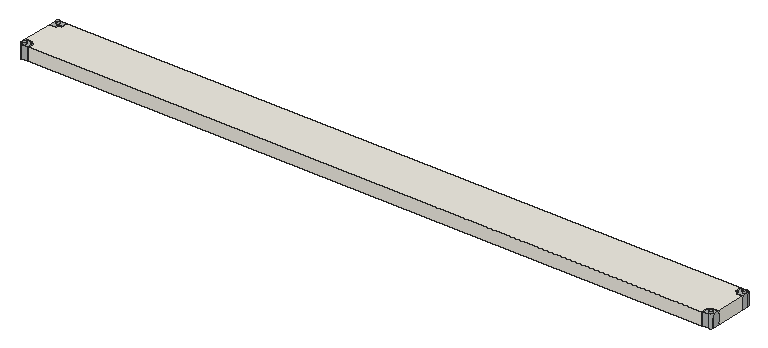
Revit family "HIGHTECH", category Осветительные приборы, Revit 2019 (continued)
Types (32, lengths in mm): name | Файл фотометрической сетки | built-in parameter 1150105 | Lumens | built-in parameter 1150106 | built-in parameter 1150142 | Wattage | Emit from Rectangle Width | Emit from Rectangle Length | Длина | Ширина | ADSK_Ток | ADSK_Полная мощность | ADSK_Обозначение | ADSK_Номинальная мощность | ADSK_Наименование | ADSK_Масса | ADSK_Код изделия
    97 0.197 0.197 0.197 0.098 0.098 0.098 0.098 0.098 0.098 0.098 0.098 0.000 0.000 0.000 0.000 \r\n1417.637 1418.525 1416.551 1412.506 1405.994 1396.621 1384.781 1369.783 1352.419 1332.587 1311.077 1287.003 1261.053 1233.427 1203.827 1172.549 1139.497 1104.963 \r\n1069.345 1032.345 994.260 954.892 914.932 873.887 832.152 789.824 747.101 704.082 660.176 616.565 572.462 527.864 484.254 439.855 395.849 352.337 309.714 268.076 227.722 188.157 \r\n148.295 112.578 78.933 47.360 19.042 0.592 0.592 0.493 0.493 0.493 0.493 0.493 0.493 0.493 0.493 0.395 0.395 0.395 0.395 0.395 0.395 0.395 0.395 0.296 0.296 0.296 0.296 0.296 0.296 0.296 0.296 0.197 \r\n0.197 0.197 0.197 0.197 0.197 0.197 0.197 0.098 0.098 0.098 0.098 0.098 0.098 0.098 0.098 0.000 0.000 0.000 0.000 \r\n1417.637 1418.525 1416.453 1412.309 1405.796 1396.325 1384.485 1369.388 1352.024 1332.192 1310.584 1286.509 1260.560 1232.835 1203.235 1171.958 1138.905 1104.371 \r\n1068.654 1031.655 993.569 954.202 914.143 873.098 831.460 789.133 746.410 703.392 659.485 615.874 571.870 527.273 483.662 439.262 395.257 351.844 309.319 267.583 227.229 187.762 \r\n148.000 112.282 78.637 47.163 18.845 0.592 0.592 0.493 0.493 0.493 0.493 0.493 0.493 0.493 0.493 0.395 0.395 0.395 0.395 0.395 0.395 0.395 0.395 0.296 0.296 0.296 0.296 0.296 0.296 0.296 0.296 0.197 \r\n0.197 0.197 0.197 0.197 0.197 0.197 0.197 0.098 0.098 0.098 0.098 0.098 0.098 0.098 0.098 0.000 0.000 0.000 0.000 \r\n1417.637 1418.426 1416.354 1412.211 1405.501 1396.029 1384.090 1369.093 1351.629 1331.797 1310.189 1286.016 1259.968 1232.341 1202.643 1171.366 1138.214 1103.680 \r\n1068.062 1030.964 992.878 953.511 913.452 872.407 830.770 788.442 745.818 702.799 658.893 615.283 571.179 526.680 483.070 438.769 394.763 351.350 308.826 267.188 226.834 187.466 \r\n147.703 111.987 78.440 46.866 18.648 0.592 0.592 0.493 0.493 0.493 0.493 0.493 0.493 0.493 0.493 0.395 0.395 0.395 0.395 0.395 0.395 0.395 0.395 0.296 0.296 0.296 0.296 0.296 0.296 0.296 0.296 0.197 \r\n0.197 0.197 0.197 0.197 0.197 0.197 0.197 0.098 0.098 0.098 0.098 0.098 0.098 0.098 0.098 0.000 0.000 0.000 0.000 \r\n1417.637 1418.426 1416.255 1412.013 1405.303 1395.831 1383.794 1368.698 1351.234 1331.304 1309.696 1285.522 1259.474 1231.750 1202.051 1170.675 1137.622 1103.089 \r\n1067.372 1030.273 992.188 952.820 912.762 871.716 830.079 787.751 745.127 702.109 658.202 614.593 570.587 526.088 482.478 438.177 394.171 350.857 308.332 266.793 226.439 187.071 \r\n147.309 111.690 78.144 46.670 18.451 0.592 0.592 0.493 0.493 0.493 0.493 0.493 0.493 0.493 0.493 0.395 0.395 0.395 0.395 0.395 0.395 0.395 0.395 0.296 0.296 0.296 0.296 0.296 0.296 0.296 0.296 0.197 \r\n0.197 0.197 0.197 0.197 0.197 0.197 0.197 0.098 0.098 0.098 0.098 0.098 0.098 0.098 0.098 0.000 0.000 0.000 0.000 \r\n1417.637 1418.327 1416.156 1411.816 1405.106 1395.535 1383.498 1368.304 1350.839 1330.909 1309.203 1285.029 1258.981 1231.256 1201.459 1170.083 1137.030 1102.398 \r\n1066.680 1029.681 991.497 952.129 912.071 871.026 829.388 787.061 744.437 701.418 657.512 613.901 569.995 525.398 481.886 437.585 393.678 350.364 307.938 266.300 226.044 186.676 \r\n147.012 111.493 77.848 46.472 18.154 0.592 0.592 0.493 0.493 0.493 0.493 0.493 0.493 0.493 0.493 0.395 0.395 0.395 0.395 0.395 0.395 0.395 0.395 0.296 0.296 0.296 0.296 0.296 0.296 0.296 0.296 0.197 \r\n0.197 0.197 0.197 0.197 0.197 0.197 0.197 0.098 0.098 0.098 0.098 0.098 0.098 0.098 0.098 0.000 0.000 0.000 0.000 \r\n1417.637 1418.327 1416.058 1411.716 1404.810 1395.240 1383.202 1367.909 1350.445 1330.514 1308.808 1284.536 1258.488 1230.664 1200.867 1169.491 1136.339 1101.806 \r\n1066.089 1028.991 990.807 951.438 911.381 870.335 828.698 786.370 743.746 700.728 656.920 613.310 569.304 524.806 481.294 437.091 393.185 349.871 307.444 265.905 225.650 186.381 \r\n146.717 111.197 77.650 46.176 17.957 0.592 0.592 0.493 0.493 0.493 0.493 0.493 0.493 0.493 0.493 0.395 0.395 0.395 0.395 0.395 0.395 0.395 0.395 0.296 0.296 0.296 0.296 0.296 0.296 0.296 0.296 0.197 \r\n0.197 0.197 0.197 0.197 0.197 0.197 0.197 0.098 0.098 0.098 0.098 0.098 0.098 0.098 0.098 0.000 0.000 0.000 0.000 \r\n1417.637 1418.229 1415.960 1411.519 1404.613 1394.943 1382.807 1367.612 1350.051 1330.119 1308.315 1284.043 1257.896 1230.072 1200.275 1168.899 1135.748 1101.116 \r\n1065.398 1028.300 990.115 950.748 910.689 869.644 828.007 785.679 743.056 700.037 656.229 612.619 568.713 524.214 480.702 436.499 392.593 349.377 306.951 265.511 225.255 185.986 \r\n146.421 110.901 77.355 45.978 17.759 0.592 0.592 0.493 0.493 0.493 0.493 0.493 0.493 0.493 0.493 0.395 0.395 0.395 0.395 0.395 0.395 0.395 0.395 0.296 0.296 0.296 0.296 0.296 0.296 0.296 0.296 0.197 \r\n0.197 0.197 0.197 0.197 0.197 0.197 0.197 0.098 0.098 0.098 0.098 0.098 0.098 0.098 0.098 0.000 0.000 0.000 0.000 \r\n1417.637 1418.229 1415.861 1411.421 1404.415 1394.746 1382.512 1367.219 1349.656 1329.626 1307.821 1283.549 1257.403 1229.579 1199.782 1168.209 1135.155 1100.523 \r\n1064.708 1027.609 989.425 950.057 909.998 868.855 827.317 784.989 742.365 699.347 655.538 611.928 568.021 523.622 480.110 436.006 392.100 348.884 306.556 265.017 224.860 185.591 \r\n146.026 110.605 77.157 45.781 17.464 0.592 0.592 0.493 0.493 0.493 0.493 0.493 0.493 0.493 0.493 0.395 0.395 0.395 0.395 0.395 0.395 0.395 0.395 0.296 0.296 0.296 0.296 0.296 0.296 0.296 0.296 0.197 \r\n0.197 0.197 0.197 0.197 0.197 0.197 0.197 0.098 0.098 0.098 0.098 0.098 0.098 0.098 0.098 0.000 0.000 0.000 0.000 \r\n1417.637 1418.130 1415.762 1411.223 1404.218 1394.450 1382.216 1366.824 1349.261 1329.231 1307.427 1283.056 1256.910 1228.987 1199.190 1167.616 1134.563 1099.833 \r\n1064.016 1026.918 988.833 949.367 909.308 868.165 826.625 784.298 741.674 698.656 654.946 611.336 567.430 523.030 479.518 435.414 391.606 348.391 306.063 264.623 224.465 185.196 \r\n145.730 110.309 76.861 45.485 17.266 0.592 0.592 0.493 0.493 0.493 0.493 0.493 0.493 0.493 0.493 0.395 0.395 0.395 0.395 0.395 0.395 0.395 0.395 0.296 0.296 0.296 0.296 0.296 0.296 0.296 0.296 0.197 \r\n0.197 0.197 0.197 0.197 0.197 0.197 0.197 0.098 0.098 0.098 0.098 0.098 0.098 0.098 0.098 0.000 0.000 0.000 0.000 \r\n1417.637 1418.130 1415.565 1411.026 1403.922 1394.154 1381.919 1366.527 1348.866 1328.837 1306.933 1282.563 1256.416 1228.494 1198.597 1167.024 1133.873 1099.241 \r\n1063.425 1026.228 988.143 948.676 908.519 867.474 825.935 783.608 740.983 698.064 654.256 610.646 566.739 522.438 478.926 434.822 391.014 347.897 305.569 264.229 224.072 184.901 \r\n145.434 110.013 76.565 45.288 17.069 0.592 0.592 0.493 0.493 0.493 0.493 0.493 0.493 0.493 0.493 0.395 0.395 0.395 0.395 0.395 0.395 0.395 0.395 0.296 0.296 0.296 0.296 0.296 0.296 0.296 0.296 0.197 \r\n0.197 0.197 0.197 0.197 0.197 0.197 0.197 0.098 0.098 0.098 0.098 0.098 0.098 0.098 0.098 0.000 0.000 0.000 0.000 \r\n1417.637 1418.031 1415.466 1410.928 1403.725 1393.858 1381.524 1366.133 1348.472 1328.443 1306.440 1282.070 1255.824 1227.901 1198.006 1166.433 1133.280 1098.550 \r\n1062.735 1025.537 987.451 947.887 907.829 866.784 825.244 782.916 740.293 697.373 653.565 610.053 566.147 521.747 478.334 434.328 390.521 347.404 305.175 263.735 223.677 184.506 \r\n145.039 109.717 76.368 44.992 16.871 0.592 0.592 0.493 0.493 0.493 0.493 0.493 0.493 0.493 0.493 0.395 0.395 0.395 0.395 0.395 0.395 0.395 0.395 0.296 0.296 0.296 0.296 0.296 0.296 0.296 0.296 0.197 \r\n0.197 0.197 0.197 0.197 0.197 0.197 0.197 0.098 0.098 0.098 0.098 0.098 0.098 0.098 0.098 0.000 0.000 0.000 0.000 \r\n1417.637 1418.031 1415.368 1410.730 1403.527 1393.562 1381.229 1365.738 1348.077 1327.949 1306.045 1281.575 1255.331 1227.310 1197.414 1165.841 1132.689 1097.958 \r\n1062.043 1024.846 986.761 947.196 907.137 866.092 824.554 782.226 739.602 696.683 652.973 609.363 565.456 521.155 477.742 433.737 390.028 346.910 304.681 263.341 223.282 184.111 \r\n144.743 109.421 76.072 44.794 16.576 0.592 0.592 0.493 0.493 0.493 0.493 0.493 0.493 0.493 0.493 0.395 0.395 0.395 0.395 0.395 0.395 0.395 0.395 0.296 0.296 0.296 0.296 0.296 0.296 0.296 0.296 0.197 \r\n0.197 0.197 0.197 0.197 0.197 0.197 0.197 0.098 0.098 0.098 0.098 0.098 0.098 0.098 0.098 0.000 0.000 0.000 0.000 \r\n1417.637 1417.932 1415.268 1410.533 1403.232 1393.365 1380.933 1365.443 1347.682 1327.555 1305.552 1281.082 1254.837 1226.816 1196.821 1165.150 1131.998 1097.267 \r\n1061.452 1024.254 986.070 946.506 906.447 865.401 823.863 781.535 738.912 695.991 652.282 608.672 564.864 520.563 477.150 433.145 389.436 346.417 304.287 262.946 222.887 183.815 \r\n144.448 109.125 75.874 44.597 16.378 0.592 0.592 0.493 0.493 0.493 0.493 0.493 0.493 0.493 0.493 0.395 0.395 0.395 0.395 0.395 0.395 0.395 0.395 0.296 0.296 0.296 0.296 0.296 0.296 0.296 0.296 0.197 \r\n0.197 0.197 0.197 0.197 0.197 0.197 0.197 0.098 0.098 0.098 0.098 0.098 0.098 0.098 0.098 0.000 0.000 0.000 0.000 \r\n1417.637 1417.932 1415.170 1410.434 1403.034 1393.069 1380.636 1365.048 1347.287 1327.160 1305.157 1280.589 1254.344 1226.225 1196.230 1164.558 1131.406 1096.675 \r\n1060.761 1023.564 985.380 945.815 905.756 864.613 823.173 780.845 738.221 695.301 651.592 608.080 564.174 519.971 476.558 432.652 388.943 345.924 303.794 262.453 222.492 183.420 \r\n144.151 108.829 75.579 44.301 16.181 0.592 0.592 0.493 0.493 0.493 0.493 0.493 0.493 0.493 0.493 0.395 0.395 0.395 0.395 0.395 0.395 0.395 0.395 0.296 0.296 0.296 0.296 0.296 0.296 0.296 0.296 0.197 \r\n0.197 0.197 0.197 0.197 0.197 0.197 0.197 0.098 0.098 0.098 0.098 0.098 0.098 0.098 0.098 0.000 0.000 0.000 0.000 \r\n1417.637 1417.834 1415.071 1410.237 1402.837 1392.772 1380.243 1364.653 1346.892 1326.765 1304.664 1280.096 1253.752 1225.730 1195.638 1163.965 1130.814 1095.984 \r\n1060.071 1022.873 984.689 945.124 905.066 863.922 822.482 780.154 737.531 694.610 651.000 607.390 563.581 519.379 475.966 432.059 388.350 345.431 303.300 262.058 222.098 183.026 \r\n143.757 108.533 75.282 44.104 15.983 0.592 0.592 0.493 0.493 0.493 0.493 0.493 0.493 0.493 0.493 0.395 0.395 0.395 0.395 0.395 0.395 0.395 0.395 0.296 0.296 0.296 0.296 0.296 0.296 0.296 0.296 0.197 \r\n0.197 0.197 0.197 0.197 0.197 0.197 0.197 0.098 0.098 0.098 0.098 0.098 0.098 0.098 0.098 0.000 0.000 0.000 0.000 \r\n1417.637 1417.834 1414.973 1410.138 1402.541 1392.477 1379.946 1364.258 1346.499 1326.272 1304.171 1279.603 1253.259 1225.139 1195.045 1163.374 1130.123 1095.393 \r\n1059.478 1022.183 983.999 944.433 904.375 863.231 821.792 779.464 736.840 693.920 650.309 606.699 562.891 518.787 475.374 431.566 387.857 344.937 302.906 261.663 221.703 182.730 \r\n143.461 108.237 75.085 43.906 15.688 0.592 0.592 0.493 0.493 0.493 0.493 0.493 0.493 0.493 0.493 0.395 0.395 0.395 0.395 0.395 0.395 0.395 0.395 0.296 0.296 0.296 0.296 0.296 0.296 0.296 0.296 0.197 \r\n0.197 0.197 0.197 0.197 0.197 0.197 0.197 0.098 0.098 0.098 0.098 0.098 0.098 0.098 0.098 0.000 0.000 0.000 0.000 \r\n1417.637 1417.736 1414.874 1409.940 1402.344 1392.181 1379.650 1363.962 1346.104 1325.877 1303.776 1279.109 1252.766 1224.547 1194.454 1162.782 1129.531 1094.702 \r\n1058.788 1021.492 983.308 943.742 903.684 862.540 821.100 778.773 736.148 693.327 649.618 606.107 562.298 518.096 474.782 430.974 387.364 344.444 302.412 261.170 221.308 182.335 \r\n143.165 108.040 74.789 43.611 15.490 0.592 0.592 0.493 0.493 0.493 0.493 0.493 0.493 0.493 0.493 0.395 0.395 0.395 0.395 0.395 0.395 0.395 0.395 0.296 0.296 0.296 0.296 0.296 0.296 0.296 0.296 0.197 \r\n0.197 0.197 0.197 0.197 0.197 0.197 0.197 0.098 0.098 0.098 0.098 0.098 0.098 0.098 0.098 0.000 0.000 0.000 0.000 \r\n1417.637 1417.736 1414.775 1409.743 1402.146 1391.984 1379.355 1363.568 1345.709 1325.482 1303.283 1278.616 1252.272 1224.054 1193.862 1162.091 1128.940 1094.110 \r\n1058.097 1020.801 982.617 943.052 902.994 861.850 820.410 778.082 735.458 692.637 649.027 605.416 561.608 517.504 474.190 430.383 386.772 343.951 301.918 260.775 220.913 181.941 \r\n142.770 107.743 74.592 43.413 15.293 0.592 0.592 0.493 0.493 0.493 0.493 0.493 0.493 0.493 0.493 0.395 0.395 0.395 0.395 0.395 0.395 0.395 0.395 0.296 0.296 0.296 0.296 0.296 0.296 0.296 0.296 0.197 \r\n0.197 0.197 0.197 0.197 0.197 0.197 0.197 0.098 0.098 0.098 0.098 0.098 0.098 0.098 0.098 0.000 0.000 0.000 0.000 \r\n1417.637 1417.637 1414.677 1409.645 1401.851 1391.688 1378.960 1363.173 1345.314 1325.088 1302.790 1278.123 1251.680 1223.461 1193.269 1161.499 1128.249 1093.518 \r\n1057.406 1020.110 981.926 942.361 902.204 861.159 819.719 777.391 734.867 691.946 648.335 604.726 561.017 516.913 473.598 429.888 386.279 343.458 301.524 260.380 220.519 181.644 \r\n142.474 107.448 74.296 43.216 15.096 0.592 0.592 0.493 0.493 0.493 0.493 0.493 0.493 0.493 0.493 0.395 0.395 0.395 0.395 0.395 0.395 0.395 0.395 0.296 0.296 0.296 0.296 0.296 0.296 0.296 0.296 0.197 \r\n0.197 0.197 0.197 0.197 0.197 0.197 0.197 0.098 0.098 0.098 0.098 0.098 0.098 0.098 0.098 0.000 0.000 0.000 0.000 \r\n1417.637 1417.637 1414.578 1409.447 1401.653 1391.391 1378.663 1362.877 1344.920 1324.693 1302.395 1277.630 1251.187 1222.968 1192.678 1160.908 1127.657 1092.827 \r\n1056.814 1019.419 981.236 941.671 901.514 860.369 819.028 776.701 734.175 691.256 647.645 604.133 560.326 516.320 473.006 429.297 385.785 342.963 301.030 259.887 220.125 181.249 \r\n142.178 107.152 74.099 42.920 14.800 0.592 0.592 0.493 0.493 0.493 0.493 0.493 0.493 0.493 0.493 0.395 0.395 0.395 0.395 0.395 0.395 0.395 0.395 0.296 0.296 0.296 0.296 0.296 0.296 0.296 0.296 0.197 \r\n0.197 0.197 0.197 0.197 0.197 0.197 0.197 0.098 0.098 0.098 0.098 0.098 0.098 0.098 0.098 0.000 0.000 0.000 0.000 \r\n1417.637 1417.538 1414.480 1409.250 1401.456 1391.096 1378.367 1362.482 1344.525 1324.200 1301.902 1277.136 1250.693 1222.376 1192.184 1160.315 1127.064 1092.235 \r\n1056.124 1018.828 980.545 940.980 900.823 859.679 818.338 776.010 733.485 690.565 647.054 603.443 559.734 515.728 472.414 428.705 385.193 342.470 300.537 259.492 219.730 180.856 \r\n141.882 106.855 73.802 42.723 14.602 0.592 0.592 0.493 0.493 0.493 0.493 0.493 0.493 0.493 0.493 0.395 0.395 0.395 0.395 0.395 0.395 0.395 0.395 0.296 0.296 0.296 0.296 0.296 0.296 0.296 0.296 0.197 \r\n0.197 0.197 0.197 0.197 0.197 0.197 0.197 0.098 0.098 0.098 0.098 0.098 0.098 0.098 0.098 0.000 0.000 0.000 0.000 \r\n1417.637 1417.538 1414.380 1409.152 1401.258 1390.898 1378.072 1362.087 1344.130 1323.805 1301.408 1276.643 1250.200 1221.784 1191.593 1159.625 1126.374 1091.545 \r\n1055.433 1018.137 979.855 940.290 900.133 858.988 817.647 775.221 732.794 689.875 646.362 602.851 559.043 515.137 471.822 428.212 384.700 341.977 300.142 259.097 219.335 180.559 \r\n141.487 106.560 73.506 42.525 14.405 0.592 0.592 0.493 0.493 0.493 0.493 0.493 0.493 0.493 0.493 0.395 0.395 0.395 0.395 0.395 0.395 0.395 0.395 0.296 0.296 0.296 0.296 0.296 0.296 0.296 0.296 0.197 \r\n0.197 0.197 0.197 0.197 0.197 0.197 0.197 0.098 0.098 0.098 0.098 0.098 0.098 0.098 0.098 0.000 0.000 0.000 0.000 \r\n1417.637 1417.439 1414.282 1408.954 1400.963 1390.603 1377.677 1361.792 1343.735 1323.410 1301.014 1276.149 1249.608 1221.291 1191.000 1159.032 1125.782 1090.953 \r\n1054.841 1017.446 979.164 939.500 899.442 858.298 816.957 774.530 732.103 689.184 645.672 602.160 558.451 514.446 471.230 427.619 384.108 341.484 299.649 258.604 218.940 180.165 \r\n141.191 106.264 73.309 42.229 14.208 0.592 0.592 0.493 0.493 0.493 0.493 0.493 0.493 0.493 0.493 0.395 0.395 0.395 0.395 0.395 0.395 0.395 0.395 0.296 0.296 0.296 0.296 0.296 0.296 0.296 0.296 0.197 \r\n0.197 0.197 0.197 0.197 0.197 0.197 0.197 0.098 0.098 0.098 0.098 0.098 0.098 0.098 0.098 0.000 0.000 0.000 0.000 \r\n1417.637 1417.439 1414.183 1408.855 1400.765 1390.306 1377.381 1361.397 1343.341 1323.015 1300.520 1275.656 1249.114 1220.699 1190.408 1158.440 1125.190 1090.262 \r\n1054.151 1016.755 978.473 938.809 898.750 857.607 816.266 773.839 731.413 688.592 645.080 601.469 557.859 513.854 470.638 427.126 383.615 340.990 299.254 258.209 218.546 179.770 \r\n140.896 105.967 73.013 42.031 13.912 0.592 0.592 0.493 0.493 0.493 0.493 0.493 0.493 0.493 0.493 0.395 0.395 0.395 0.395 0.395 0.395 0.395 0.395 0.296 0.296 0.296 0.296 0.296 0.296 0.296 0.296 0.197 \r\n0.197 0.197 0.197 0.197 0.197 0.197 0.197 0.098 0.098 0.098 0.098 0.098 0.098 0.098 0.098 0.000 0.000 0.000 0.000 \r\n1417.637 1417.341 1414.085 1408.658 1400.
